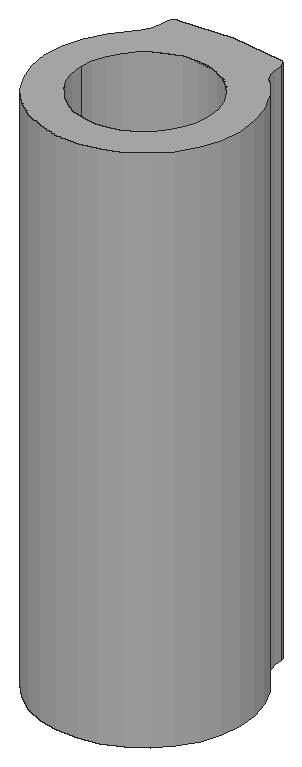
Revit family "PRD_FrankeWS_PllrTps_Socket_ACSX1001", category Specialty Equipment, Revit 2018
Family settings
  Round Connector Dimension = Use Diameter
  Part Type = Normal
  OmniClass Number = 23.45.05.14.99
  OmniClass Title = Other Sanitary Washing Plumbing Fixtures
  Work Plane-Based = Yes
  Always vertical = Yes
  Cut with Voids When Loaded = No
  Shared = No
  Room Calculation Point = No
Parameters (values of type "ACSX1001")
  WarrantyStartDate [instance] = "1900-12-31T23:59:59"
  WarrantyGuarantorParts = "n/a"
  WarrantyGuarantorLabor = "n/a"
  WarrantyDurationUnit = "year"
  WarrantyDurationParts = "n/a"
  WarrantyDurationLabor = "n/a"
  WarrantyDescription = "n/a"
  Version = "1"
  Uniclass2015Version = "Products v1.17"
  Uniclass2015Title = "Pillar taps"
  Uniclass2015Code = "Pr_40_20_87_60"
  URL = "www.kwc.com"
  TagNumber [instance] = "n/a"
  SustainabilityPerformance = "n/a"
  Status = "New"
  Size = "n/a"
  Shape = "cylinder"
  SerialNumber [instance] = "n/a"
  Revision = "n/a"
  ReplacementCost = "n/a"
  Reference = "n/a"
  QuantityUom = "Piece"
  Quantity = "1"
  ProductInformation = "https://pim.kwc.com/product/2030041519/attachment/datasheet?locale=en"
  ProductCode = "208.0599.910"
  NominalWidth = 50 mm
  NominalLength = 0 mm
  NominalHeight = 140 mm
  NominalDepth = 55 mm
  NetWeight = 0.98 kg
  Name = "Socket ACSX1001"
  NBSTypeID = "n/a"
  NBSReference = "n/a"
  NBSOfficeMasterTag = "n/a"
  NBSNote = "n/a"
  NBSDescription = "n/a"
  NBSCertification = "n/a"
  ModelReference = "ACSX1001"
  ModelNumber = "2030041519"
  Model = ModelReference  # "ACSX1001"
  Material = "brass"
  ManufacturerURL = "www.kwc.com"
  ManufacturerName = "KWC Group AG"  # constant formula
  Manufacturer = ManufacturerName  # "KWC Group AG"
  IntegralAccessories = "n/a"
  InstallationDate [instance] = "1900-12-31T23:59:59"
  IfcExportType = "USERDEFINED"
  IfcExportAs = "IfcSanitaryTerminalType"
  GrossWeight = 1.03 kg
  Grade = "n/a"
  Finish = "polished chrome"
  Features = "140 mm, polished chromium-plated brass"
  ExpectedLife = "n/a"
  DurationUnit = "year"
  Description = "Socket for heightening of fitting housing at 140 mm, for F5S self-closing pillar taps and pillar mixer. Polished chromium-plated brass."
  Default Elevation = 1219.2 mm
  CreatedOn = "08/2021"  # constant formula
  Constituents = "n/a"
  Color = "n/a"
  CodePerformance = "n/a"
  Category = "Pr_40_20_87_60, Pillar taps"
  BodyMaterial = PRD_AR_ChromatedBrass_HighPolished
  BarCode [instance] = "n/a"
  BIMObjectName = "PRD_AR_PillarTaps_Socket_ACSX1001"
  Author = "Archispace"  # constant formula
  AssetType = "Fixed"
  AssetIdentifier [instance] = "n/a"
  AccessibilityPerformance = "n/a"
Reference planes
  plane 1 "Center (Front/Back)": y = 0
  plane 2: z = 0
  plane 3 "Center (Left/Right)": x = 0
Forms (mm)
  Extrusion 1, solid, material "PRD_AR_ChromatedBrass_HighPolished" <- "BodyMaterial", detail levels fine
    sketch origin (0, 0, 0) x (1, 0, 0) y (0, 1, 0)
      loop
        circle (0, -0.006) r 16.848
      loop
        arc (-17.994, 18.343) -> (0, -25.707) -> (17.994, 18.343) r 25.701
        arc (17.994, 18.343) -> (15.738, 21.707) -> (15.002, 25.689) r 9.986
        arc (15.002, 25.689) -> (14.552, 26.998) -> (13.359, 27.701) r 2
        arc (13.359, 27.701) -> (0, 28.9) -> (-13.359, 27.701) r 75
        arc (-13.359, 27.701) -> (-14.552, 26.998) -> (-15.002, 25.689) r 2
        arc (-15.002, 25.689) -> (-15.738, 21.707) -> (-17.994, 18.343) r 9.986
    from 0 to 140
  Extrusion 2, solid, material "PRD_AR_ChromatedBrass_HighPolished" <- "BodyMaterial", detail levels fine
    sketch origin (0, 0, 0) x (1, 0, 0) y (0, 1, 0)
      loop
        arc (-12.339, 22.03) -> (0, -25.3) -> (12.339, 22.03) r 25.273
        arc (12.339, 22.03) -> (0, 28.494) -> (-12.339, 22.03) r 15.01
      loop
        arc (-10.268, -10.934) -> (-8.364, -11.407) -> (-6.975, -10.022) r 1.997
        arc (-6.975, -10.022) -> (0, -4.735) -> (6.975, -10.022) r 7.244
        arc (6.975, -10.022) -> (8.364, -11.407) -> (10.268, -10.934) r 1.997
        arc (10.268, -10.934) -> (0, 15) -> (-10.268, -10.934) r 15
      loop
        circle (0, -20.5) r 2.25
      loop
        circle (0, 20.5) r 2.25
      loop
        circle (0, -11.034) r 3.312
    from 2 to 4
  Extrusion 3, solid, material "PRD_AR_ChromatedBrass_HighPolished" <- "BodyMaterial", detail levels coarse+medium
    sketch origin (0, 0, 0) x (1, 0, 0) y (0, 1, 0)
      loop
        circle (0, -0.006) r 25.701
    from 0 to 140
Dimensions and locks
  aligned and locked: level to plane 2
